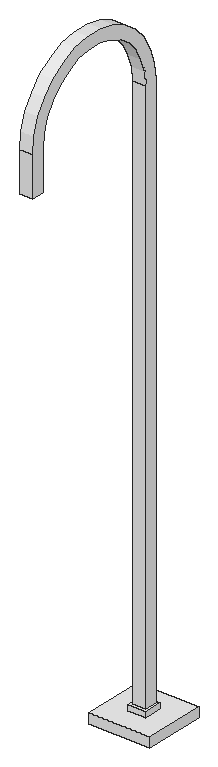
Revit family "Deca_Torneira Lavatório Tube_1199.C.TUB.PSO_Piso", category Plumbing Fixtures, host Face, Revit 2010
Parameters (values of type "1199.C.TUB.PSO_Cromado CR10")
  WFU = 0
  Vendido Separadamente = ""
  Variações de COR = "Cromado (1199.C.TUB.PSO)"  # constant formula
  URL = "www.deca.com.br/produtos"
  Segmento = "Luxo"  # constant formula
  Raio Água Fria = 7.5 mm  # constant formula
  Produto = "Torneira Lavatório de Piso Tube"  # constant formula
  Pressão = "2 A 40 mca"  # constant formula
  Peso Liquido (Kg) = 3.72  # constant formula
  Norma = "ABNT NBR 15748: 2009"  # constant formula
  Model = Código  # "1199.C.TUB.PSO"
  Material = "Deca_Latão Cromado e Plástico de Engenharia"  # constant formula
  Manufacturer = "Deca"  # constant formula
  Louça/Metais = "Metal"  # constant formula
  Linha = "Tube"  # constant formula
  Informações Complementares = "Mecanismo: 1/4 de volta"  # constant formula
  HWFU = 0
  Flow Pressure = 0.00 psi
  Diâmetro Água Fria = Raio Água Fria * 2  # 15 mm
  Description = "Torneira Lavatório de Piso"  # constant formula
  Default Elevation = 0 mm
  Código = "1199.C.TUB.PSO"  # constant formula
  Criado por = "Contino/quattroD"  # constant formula
  Consumo = "Varia com a pressão"  # constant formula
  Chuveiro = Deca CR10 Cromado Metal
  CWFU = 0
  Atendimento ao Cliente = "0800-0117073"  # constant formula
  Assembly Code = "D2020"
  Aprovado por = "Contino/quattroD"  # constant formula
  Acompanha o Produto = ""
Reference planes
  plane 1 "Center (Front/Back)": y = 0
  plane 2: z = 0
  plane 3 "Center (Left/Right)": x = 0
  plane 4 "Top 1": z = 20
  plane 5 "Left 1": x = -26.9
  plane 6 "Right 1": x = 26.9
  plane 7 "Front 1": y = -60
  plane 8 "Back 1": y = 60
  plane 9 "Top 2": z = 1274.978
  plane 10 "Right 2": x = 60
  plane 11 "Left 2": x = -60
  plane 12 "Front 2": y = -287.3
Forms (mm)
  Extrusion 1, solid, material "Deca CR10 Cromado Metal" <- "Chuveiro"
    sketch origin (0, 0, 0) x (1, 0, 0) y (0, 0, 1)
      loop
        line (-60, 20) -> (-60, 0) -> (60, 0) -> (60, 20) -> (-60, 20)
    from -60 to 60
  Sweep 2, solid, material "Deca CR10 Cromado Metal" <- "Chuveiro"
    path origin (0, 0, 0) x (0, 1, 0) y (0, 0, 1)
      loop
        line (0, 30) -> (0, 1125)
        arc (0, 1125) -> (-137.5, 1262.5) -> (-275, 1125) r 137.5
        line (-275, 1125) -> (-275, 1049)
    profile origin (0, 0, 577.5) x (0, -1, 0) y (1, 0, 0)
      loop
        line (-12.7, -12.7) -> (11.301, -12.7) -> (11.301, 12.7) -> (-12.7, 12.7) -> (-12.7, -12.7)
  Extrusion 3, solid, material "Deca CR10 Cromado Metal" <- "Chuveiro"
    sketch origin (0, 0, 0) x (1, 0, 0) y (0, 1, 0)
      loop
        line (-17.5, 17.5) -> (-17.5, -17.5) -> (17.5, -17.5) -> (17.5, 17.5) -> (-17.5, 17.5)
    from 20 to 30
Lines and regions (mm)
  Masking region 1
    outline origin (0, 0, 0) x (1, 0, 0) y (0, 1, 0)
      loop
        line (-60, 60) -> (-60, -60) -> (-12.7, -60) -> (-12.7, -287.3) -> (12.7, -287.3) -> (12.7, -60) -> (60, -60) -> (60, 60) -> (-60, 60)
  Masking region 2
    outline origin (0, 0, 0) x (1, 0, 0) y (0, 0, 1)
      loop
        line (12.7, 30) -> (12.7, 1274.978) -> (-12.7, 1274.978) -> (-12.7, 30) -> (-17.5, 30) -> (-17.5, 20) -> (-60, 20) -> (-60, 0) -> (60, 0) -> (60, 20) -> (17.5, 20) -> (17.5, 30) -> (12.7, 30)
  Masking region 3
    outline origin (0, 0, 0) x (0, 1, 0) y (0, 0, 1)
      loop
        line (12.7, 30) -> (12.7, 1128.138)
        arc (12.7, 1128.138) -> (-138.836, 1274.992) -> (-287.267, 1125) r 150
        line (-287.267, 1125) -> (-287.267, 1049) -> (-261.867, 1049) -> (-261.867, 1125)
        arc (-261.867, 1125) -> (-138.697, 1249.592) -> (-12.7, 1127.86) r 124.6
        line (-12.7, 1127.86) -> (-12.7, 30) -> (-17.5, 30) -> (-17.5, 20) -> (-60, 20) -> (-60, 0) -> (60, 0) -> (60, 20) -> (17.5, 20) -> (17.5, 30) -> (12.7, 30)
  symbolic lines
    curve 1: line (-12.7, 0, 30) -> (12.7, 0, 30)
    curve 2: line (-17.5, 0, 20) -> (17.5, 0, 20)
    curve 3: line (0, 12.7, 30) -> (0, -12.7, 30)
    curve 4: line (0, 17.5, 20) -> (0, -17.5, 20)
    curve 5: line (12.7, -60, 0) -> (12.7, 12.7, 0)
    curve 6: line (12.7, 12.7, 0) -> (-12.7, 12.7, 0)
    curve 7: line (-12.7, 12.7, 0) -> (-12.7, -60, 0)
    curve 8: line (12.7, -17.5, 0) -> (17.5, -17.5, 0)
    curve 9: line (17.5, -17.5, 0) -> (17.5, 17.5, 0)
    curve 10: line (17.5, 17.5, 0) -> (-17.5, 17.5, 0)
    curve 11: line (-17.5, 17.5, 0) -> (-17.5, -17.5, 0)
    curve 12: line (-17.5, -17.5, 0) -> (-12.7, -17.5, 0)
    curve 13: line (12.532, 0, 1125) -> (-12.868, 0, 1125)
    curve 14: line (-12.868, 0, 1075) -> (12.532, 0, 1075)
    curve 15: line (12.532, 0, 1049) -> (-12.868, 0, 1049)
    curve 16: line (12.532, 0, 934) -> (-12.868, 0, 934)
Dimensions and locks
  plane 4 "Top 1" to host face = 20 mm
  host face to plane 4 "Top 1" = 20 mm
  plane 5 "Left 1" to plane 6 "Right 1" = 53.8 mm
  plane 8 "Back 1" to plane 7 "Front 1" = 120 mm
  plane 9 "Top 2" to plane 4 "Top 1" = 1254.978 mm  (x2)
  plane 11 "Left 2" to plane 10 "Right 2" = 120 mm  (x2)
  plane 9 "Top 2" to level = 1274.978 mm
  plane 6 "Right 1" to plane 5 "Left 1" = 53.8 mm
  plane 7 "Front 1" to plane 8 "Back 1" = 120 mm
  plane 9 "Top 2" to plane 2 = 1274.978 mm
  plane 12 "Front 2" to plane 7 "Front 1" = 227.3 mm
  plane 8 "Back 1" to plane 12 "Front 2" = 347.3 mm
  plane 12 "Front 2" to plane 8 "Back 1" = 347.3 mm
  aligned and locked: host face to plane 2
  aligned and locked: level to host face
Connectors
  piping at (0, 0, 0), driven by "Raio Água Fria", driven by "Flow Pressure", driven by "CWFU"
    settings: on Extrusion 1, index 1, connector radius 0.29528", flow factor 0, pipe flow 0 GPM, pressure drop 0.00 psi, fitting loss kfactor 0, connector angle 0.00°, fixture units 0, engagement length 0 mm, flow configuration 3, flow direction 1, fitting loss method 4, system type 20, joint type 0, gender type 0, connector reference index -1, connector utility 0, adjustable connector no, is connector primary yes, fitting loss table "", connector description ""
